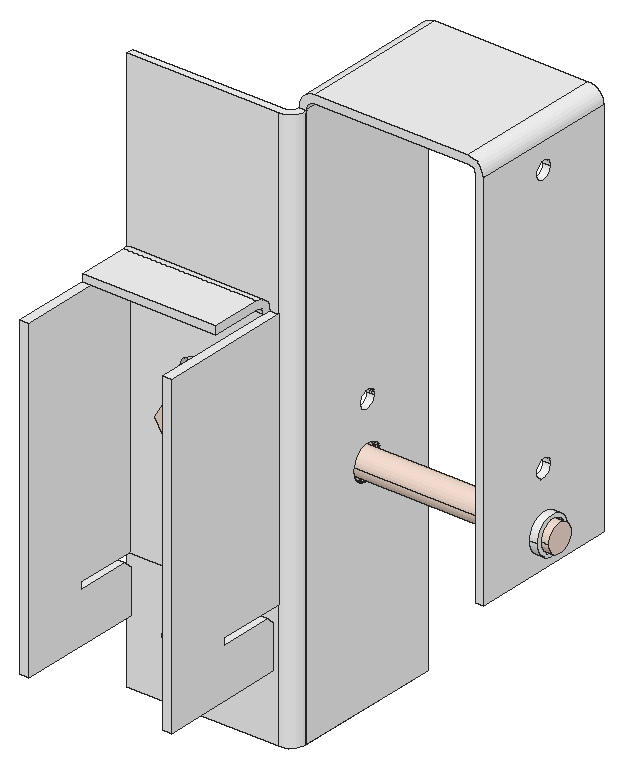
Revit family "KIRIIアングルクランプ(C100用)_逆", category 機械設備, Revit 2022
Family settings
  丸型コネクタ寸法 = 直径を使用
  種別 = なし
  パーツ タイプ = 標準
  作業面ベース = いいえ
  常に垂直 = はい
  ロード時にボイドで切り取り = いいえ
  注釈の向きを維持 = いいえ
  共有 = いいえ
  部屋計算ポイント = いいえ
Parameters
  製造元 = "株式会社桐井製作所"
  既定の高さ = 0 mm
  URL = "https://www.kirii.co.jp/"
  K_許容荷重(水平)野縁方向(N) = 640
  K_許容荷重(水平)野縁受け方向(N) = 780
  K_許容荷重(引張)(N) = 1920
  K_許容荷重(圧縮)(N) = 1910
  K_板厚(mm) = 2.3 mm
  K_品名 = "KIRIIアングルクランプ(C100用)逆"
  K_名称 = "支持構造部接合金具"
  K_剛性(野縁方向)(N/mm) = 474
  K_剛性(野縁受け方向)(N/mm) = 253
  K_バージョン情報 = "20250901"
Reference planes
  plane 1 "中心(正面/背面)": y = 0
  plane 2: z = 0
  plane 3 "中心(左/右)": x = 0
Forms (mm)
  Extrusion 1, solid
    sketch origin (-77.55, 0, 80) x (1, 0, 0) y (0, 0, 1)
      loop
        circle (25, 0) r 5
      loop
        circle (25, 0) r 4.5
    from 2.7 to 0
  Extrusion 2, solid
    sketch origin (-77.55, 0, 80) x (0, 1, 0) y (0, 0, 1)
      loop
        arc (-5, 36) -> (-6.347, 39.253) -> (-9.6, 40.6) r 4.6
        line (-9.6, 40.6) -> (-25, 40.6) -> (-25, 38.3) -> (-9.6, 38.3)
        arc (-9.6, 38.3) -> (-7.974, 37.626) -> (-7.3, 36) r 2.3
        line (-7.3, 36) -> (-7.3, -42) -> (-5, -42) -> (-5, 36)
    from 5 to 45
  Extrusion 3, solid
    sketch origin (-77.55, 0, 80) x (1, 0, 0) y (0, 0, 1)
      loop
        line (2.3, 36) -> (2.3, -59) -> (5, -59) -> (5, 36) -> (2.3, 36)
      loop
        line (45, 36) -> (45, -59) -> (47.7, -59) -> (47.7, 36) -> (45, 36)
    from 5 to 45
  Extrusion 4, void
    sketch origin (-77.55, 0, 80) x (0, 1, 0) y (0, 0, 1)
      loop
        line (-25.5, -42) -> (-25.5, -44) -> (-9, -44) -> (-7, -46) -> (-7, -59) -> (-5, -59) -> (-5, -42) -> (-25.5, -42)
    from 50 to 0
  Extrusion 5, void
    sketch origin (-77.55, 0, 80) x (1, 0, 0) y (0, 0, 1)
      loop
        circle (25, 0) r 4.5
    from 5 to 2.7
  Extrusion 6, void
    sketch origin (-77.55, 0, 80) x (1, 0, 0) y (0, 0, 1)
      loop
        arc (30.25, 12.25) -> (28.712, 15.962) -> (25, 17.5) r 5.25
        arc (25, 17.5) -> (21.288, 15.962) -> (19.75, 12.25) r 5.25
        line (19.75, 12.25) -> (19.75, -12.25)
        arc (19.75, -12.25) -> (21.288, -15.962) -> (25, -17.5) r 5.25
        arc (25, -17.5) -> (28.712, -15.962) -> (30.25, -12.25) r 5.25
        line (30.25, -12.25) -> (30.25, 12.25)
    from 7.3 to 5
  Extrusion 7, void
    sketch origin (25.25, 0, 80) x (0, 1, 0) y (0, 0, 1)
      loop
        circle (22.5, -14.3) r 5.25
      loop
        circle (22.5, 82.7) r 2.75
      loop
        circle (22.5, 2.7) r 2.75
    from 2.3 to 0
  Extrusion 8, void
    sketch origin (-77.55, 0, 80) x (1, 0, 0) y (0, 0, 1)
      loop
        circle (25, -32) r 2.25
    from 7.3 to 5
  Extrusion 9, solid
    sketch origin (25.25, 0, 80) x (0, 1, 0) y (0, 0, 1)
      loop
        circle (22.5, -14.3) r 5.548
      loop
        circle (22.5, -14.3) r 4.5
    from 2.3 to 5
  Extrusion 10, void
    sketch origin (20.25, 0, 105) x (0, 1, 0) y (0, 0, 1)
      loop
        circle (22.5, -39.3) r 5.25
      loop
        circle (22.5, 57.7) r 2.75
      loop
        circle (22.5, -22.3) r 2.75
    from -45.5 to -47.8
  Extrusion 11, void
    sketch origin (-77.55, 0, 0) x (1, 0, 0) y (0, 0, 1)
      loop
        circle (40, 17.6) r 2.25
      loop
        circle (15, 17.6) r 2.25
    from 5 to 2.7
  Extrusion 12, solid
    sketch origin (-25.25, 0, 80) x (-1, 0, 0) y (0, 0, -1)
      loop
        line (0, 80) -> (0, -90.4)
        arc (0, -90.4) -> (-0.674, -92.026) -> (-2.3, -92.7) r 2.3
        line (-2.3, -92.7) -> (-48.2, -92.7)
        arc (-48.2, -92.7) -> (-49.826, -92.026) -> (-50.5, -90.4) r 2.3
        line (-50.5, -90.4) -> (-50.5, 24.3) -> (-52.8, 24.3) -> (-52.8, -90.4)
        arc (-52.8, -90.4) -> (-51.453, -93.653) -> (-48.2, -95) r 4.6
        line (-48.2, -95) -> (-2.3, -95)
        arc (-2.3, -95) -> (0.953, -93.653) -> (2.3, -90.4) r 4.6
        line (2.3, -90.4) -> (2.3, 80) -> (0, 80)
    from 0 to -45
  Extrusion 13, solid
    sketch origin (-27.55, 0, 80) x (-1, 0, 0) y (0, -1, 0)
      loop
        arc (2.3, 5) -> (-0.953, 3.653) -> (-2.3, 0.4) r 4.6
        line (-2.3, 0.4) -> (-2.3, -45) -> (0, -45) -> (0, 0.4)
        arc (0, 0.4) -> (0.674, 2.026) -> (2.3, 2.7) r 2.3
        line (2.3, 2.7) -> (47.7, 2.7) -> (47.7, 5) -> (2.3, 5)
    from 90 to -80
Cuts and joins
  Extrusion 4, Extrusion 5, Extrusion 6, Extrusion 8, Extrusion 11 cuts Extrusion 2
  Extrusion 4 cuts Extrusion 3
  Extrusion 7 cuts Extrusion 9
  Extrusion 7, Extrusion 10 cuts Extrusion 12
  Extrusion 5, Extrusion 6, Extrusion 8, Extrusion 10, Extrusion 11 cuts Extrusion 13
Dimensions and locks
  aligned and locked: level to plane 2
Nested families
  nested 1: "M10×60ボルト" at (-31.55, 22.5, 65.7) x (0, -1, 0) z (0, 0, 1), type "M10×60ボルト"
  nested 2: "M10×25ボルト" at (-52.55, -11.3, 80) x (-1, 0, 0) z (0, 0, 1), type "M10×25ボルト"
Definition of nested family "M10×60ボルト"
  Parameters (values of type "M10×60ボルト")
    Manufacturer = "株式会社桐井製作所"
    Default Elevation = 0 mm
    URL = "https://www.kirii.co.jp/"
    K_材料規格 = "M10×L60"
    K_品名 = "M10×60ボルト"
    K_名称 = "M10×60ボルト"
    K_備考 = "KIRIIアングルクランプ付属品"
  Reference planes
    plane 1 "中心(正面/背面)": y = 0
    plane 2: z = 0
    plane 3 "中心(左/右)": x = 0
    plane 4: x = 8
    plane 5: x = -8
    plane 6 "正面": y = -4
    plane 7: z = 8
    plane 8: z = -8
  Forms (mm)
    Extrusion 1, solid
      sketch origin (0, 0, 0) x (1, 0, 0) y (0, 0, 1)
        loop
          line (-4.619, 8) -> (-9.238, 0) -> (-4.619, -8) -> (4.619, -8) -> (9.238, 0) -> (4.619, 8) -> (-4.619, 8)
      from 0 to 4
    Extrusion 2, solid
      sketch origin (0, 0, 25.676) x (1, 0, 0) y (0, 0, 1)
        loop
          circle (0, -25.676) r 4.1
      from 4 to 64
  Cuts and joins
    joined: Extrusion 1, Extrusion 2
  Lines and regions (mm)
    model lines
      curve 1: circle (0, 0, 0) r 8 normal (0, -1, 0)
  Dimensions and locks
    aligned and locked: level to plane 2
Definition of nested family "M10×25ボルト"
  Parameters (values of type "M10×25ボルト")
    Manufacturer = "株式会社桐井製作所"
    Default Elevation = 0 mm
    URL = "https://www.kirii.co.jp/"
    K_材料規格 = "M10×L25"
    K_品名 = "M10×25ボルト"
    K_名称 = "M10×25ボルト"
    K_備考 = "KIRIIアングルクランプ付属品"
  Reference planes
    plane 1 "中心(正面/背面)": y = 0
    plane 2: z = 0
    plane 3 "中心(左/右)": x = 0
    plane 4: x = 8
    plane 5: x = -8
    plane 6 "正面": y = -4
    plane 7: z = 8
    plane 8: z = -8
  Forms (mm)
    Extrusion 1, solid
      sketch origin (0, 0, 0) x (1, 0, 0) y (0, 0, 1)
        loop
          line (-4.619, 8) -> (-9.238, 0) -> (-4.619, -8) -> (4.619, -8) -> (9.238, 0) -> (4.619, 8) -> (-4.619, 8)
      from 0 to 4
    Extrusion 2, solid
      sketch origin (0, 0, 25.676) x (1, 0, 0) y (0, 0, 1)
        loop
          circle (0, -25.676) r 4.1
      from 4 to 29
  Cuts and joins
    joined: Extrusion 1, Extrusion 2
  Lines and regions (mm)
    model lines
      curve 1: circle (0, 0, 0) r 8 normal (0, -1, 0)
  Dimensions and locks
    aligned and locked: level to plane 2
